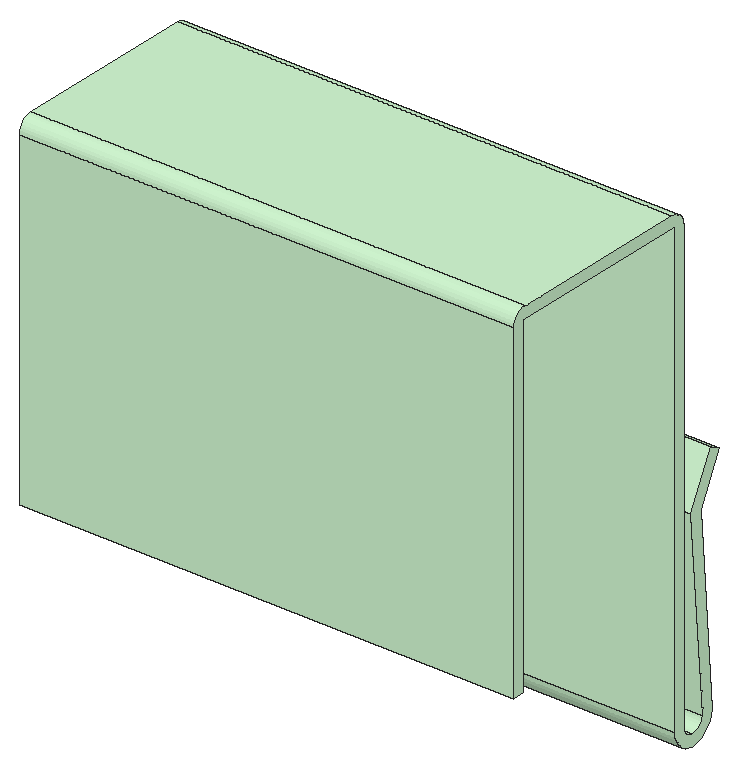
Revit family "SQ-スペーサーW15", category 機械設備, Revit 2020
Family settings
  丸型コネクタ寸法 = 直径を使用
  種別 = なし
  パーツ タイプ = 標準
  作業面ベース = いいえ
  常に垂直 = はい
  ロード時にボイドで切り取り = いいえ
  共有 = いいえ
  部屋計算ポイント = いいえ
Parameters
  製造元 = "株式会社桐井製作所"
  既定の高さ = 0 mm
  URL = "https://www.kirii.co.jp/"
  K_材質 = "溶融亜鉛めっき鋼板"
  K_品名 = "SQ-スペーサーW15"
  K_名称 = "SQ-BAR関連部材"
  K_入数 = "500"
  K_バージョン情報 = "20210524"
Reference planes
  plane 1 "中心(正面/背面)": y = 0
  plane 2: z = 0
  plane 3 "中心(左/右)": x = 0
Forms (mm)
  Extrusion 1, solid
    sketch origin (-17.5, 0, 0) x (0, 1, 0) y (0, 0, 1)
      loop
        line (-1.685, 34.5) -> (-14.685, 34.5)
        arc (-14.685, 34.5) -> (-15.394, 34.206) -> (-15.685, 33.496) r 1
        line (-15.685, 33.496) -> (-15.685, 10) -> (-14.885, 10) -> (-14.885, 33.7) -> (-1.485, 33.7) -> (-1.485, 1.6)
        arc (-1.485, 1.6) -> (-0.957, 0.494) -> (0.165, 0) r 1.763
        arc (0.165, 0) -> (1.286, 0.494) -> (1.815, 1.6) r 1.763
        line (1.815, 1.6) -> (0.815, 14.7) -> (2.436, 17.942) -> (1.72, 18.3) -> (0, 14.86) -> (1.013, 1.588)
        arc (1.013, 1.588) -> (0.733, 1.039) -> (0.165, 0.8) r 0.897
        arc (0.165, 0.8) -> (-0.408, 1.043) -> (-0.685, 1.6) r 0.897
        line (-0.685, 1.6) -> (-0.685, 33.5)
        arc (-0.685, 33.5) -> (-0.978, 34.207) -> (-1.685, 34.5) r 1
    from 0 to 35
Dimensions and locks
  aligned and locked: level to plane 2
